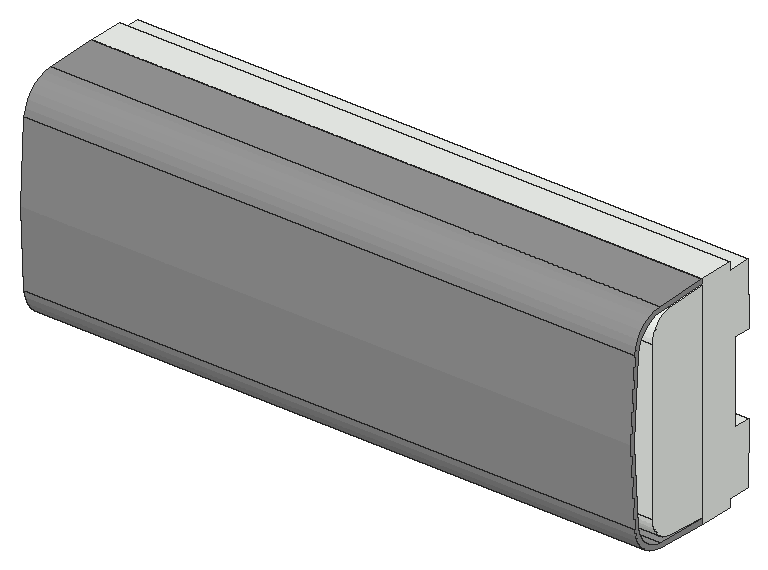
Revit family "USYSTEMS_Контроллер UH-6 230В", category Mechanical Equipment, Revit 2019
Family settings
  Round Connector Dimension = Use Diameter
  Classification = None
  Part Type = Normal
  Work Plane-Based = No
  Always vertical = Yes
  Cut with Voids When Loaded = No
  Shared = No
  Room Calculation Point = No
Parameters (values of type "Контроллер UH-6 230В")
  Watermark [instance] = "Модели защищены уникальным кодом"
  ADSK_Полная мощность = 0 VA
  ADSK_Номинальная мощность = 0 W
  ADSK_Напряжение = 230 V
  ADSK_Наименование = "Контроллер UH-6 230В"
  ADSK_Масса_Текст = ""
  ADSK_Масса = 0.614
  ADSK_Марка = ""
  ADSK_Коэффициент мощности = 1
  ADSK_Количество фаз = 1
  ADSK_Количество = 1  # constant formula
  ADSK_Код изделия = "1136056"
  ADSK_Классификация нагрузок = ОВК
  ADSK_Завод-изготовитель = "USYSTEMS"  # constant formula
  ADSK_Единица измерения = "шт."
Reference planes
  plane 1 "По центру (Вперед/Назад)": y = 0
  plane 2: z = 0
  plane 3 "По центру (Влево/Вправо)": x = 0
  plane 4 "1": y = -52
Forms (mm)
  Extrusion 1, solid, material "RGB_RAL 9016", detail levels fine
    sketch origin (0, 0, 0) x (0, 1, 0) y (0, 0, 1)
      loop
        line (0, 17.5) -> (0, 44.5) -> (-10, 44.5) -> (-10, 47.75) -> (-25, 47.75) -> (-25, -47.75) -> (-10, -47.75) -> (-10, -44.5) -> (0, -44.5) -> (0, -17.5) -> (-7.5, -17.5) -> (-7.5, 17.5) -> (0, 17.5)
    from -132.5 to 132.5
  Extrusion 2, solid, material "RGB_RAL 9016", detail levels fine
    sketch origin (0, 0, 0) x (0, 1, 0) y (0, 0, 1)
      loop
        line (-54, 33.991) -> (-54, -33.991)
        arc (-54, -33.991) -> (-51.254, -40.874) -> (-44.523, -43.977) r 10
        line (-44.523, -43.977) -> (-25, -45) -> (-25, 45) -> (-44.523, 43.977)
        arc (-44.523, 43.977) -> (-51.254, 40.874) -> (-54, 33.991) r 10
    from -132.5 to -103.5
  Extrusion 3, solid, material "RGB_RAL 9016", detail levels fine
    sketch origin (0, 0, 0) x (0, 1, 0) y (0, 0, 1)
      loop
        arc (-42.523, 44.082) -> (-49.254, 40.979) -> (-52, 34.095) r 10
        line (-52, 34.095) -> (-52, -34.095)
        arc (-52, -34.095) -> (-49.254, -40.979) -> (-42.523, -44.082) r 10
        line (-42.523, -44.082) -> (-25, -45) -> (-25, 45) -> (-42.523, 44.082)
    from -103.5 to -57.5
  Extrusion 4, solid, material "RGB_RAL 9016", detail levels fine
    sketch origin (0, 0, 0) x (0, 1, 0) y (0, 0, 1)
      loop
        arc (-42.523, 44.082) -> (-49.254, 40.979) -> (-52, 34.095) r 10
        line (-52, 34.095) -> (-52, -34.095)
        arc (-52, -34.095) -> (-49.254, -40.979) -> (-42.523, -44.082) r 10
        line (-42.523, -44.082) -> (-25, -45) -> (-25, 45) -> (-42.523, 44.082)
    from 117.5 to 92.5
  Extrusion 5, solid, material "RGB_RAL 9016", detail levels fine
    sketch origin (185, 0, 0) x (0, 1, 0) y (0, 0, -1)
      loop
        line (-42.523, -44.082) -> (-25, -45) -> (-25, 45) -> (-42.523, 44.082)
        arc (-42.523, 44.082) -> (-49.254, 40.979) -> (-52, 34.095) r 10
        line (-52, 34.095) -> (-52, -34.095)
        arc (-52, -34.095) -> (-49.254, -40.979) -> (-42.523, -44.082) r 10
    from 117.5 to 92.5
  Extrusion 6, solid, material "RGB_RAL 9016", detail levels fine
    sketch origin (135, 0, 0) x (0, 1, 0) y (0, 0, -1)
      loop
        line (-42.523, -44.082) -> (-25, -45) -> (-25, 45) -> (-42.523, 44.082)
        arc (-42.523, 44.082) -> (-49.254, 40.979) -> (-52, 34.095) r 10
        line (-52, 34.095) -> (-52, -34.095)
        arc (-52, -34.095) -> (-49.254, -40.979) -> (-42.523, -44.082) r 10
    from 117.5 to 92.5
  Extrusion 7, solid, material "RGB_RAL 9016", detail levels fine
    sketch origin (-50, 0, 0) x (0, 1, 0) y (0, 0, 1)
      loop
        arc (-42.523, 44.082) -> (-49.254, 40.979) -> (-52, 34.095) r 10
        line (-52, 34.095) -> (-52, -34.095)
        arc (-52, -34.095) -> (-49.254, -40.979) -> (-42.523, -44.082) r 10
        line (-42.523, -44.082) -> (-25, -45) -> (-25, 45) -> (-42.523, 44.082)
    from 117.5 to 92.5
  Extrusion 8, solid, material "RGB_RAL 9016", detail levels fine
    sketch origin (-150, 0, 0) x (0, 1, 0) y (0, 0, 1)
      loop
        arc (-42.523, 44.082) -> (-49.254, 40.979) -> (-52, 34.095) r 10
        line (-52, 34.095) -> (-52, -34.095)
        arc (-52, -34.095) -> (-49.254, -40.979) -> (-42.523, -44.082) r 10
        line (-42.523, -44.082) -> (-25, -45) -> (-25, 45) -> (-42.523, 44.082)
    from 117.5 to 92.5
  Extrusion 9, solid, material "RGB_RAL 9016", detail levels fine
    sketch origin (-100, 0, 0) x (0, 1, 0) y (0, 0, 1)
      loop
        arc (-42.523, 44.082) -> (-49.254, 40.979) -> (-52, 34.095) r 10
        line (-52, 34.095) -> (-52, -34.095)
        arc (-52, -34.095) -> (-49.254, -40.979) -> (-42.523, -44.082) r 10
        line (-42.523, -44.082) -> (-25, -45) -> (-25, 45) -> (-42.523, 44.082)
    from 117.5 to 92.5
  Extrusion 10, solid, material "RGB_RAL 9016", detail levels fine
    sketch origin (85, 0, 0) x (0, 1, 0) y (0, 0, -1)
      loop
        line (-42.523, -44.082) -> (-25, -45) -> (-25, 45) -> (-42.523, 44.082)
        arc (-42.523, 44.082) -> (-49.254, 40.979) -> (-52, 34.095) r 10
        line (-52, 34.095) -> (-52, -34.095)
        arc (-52, -34.095) -> (-49.254, -40.979) -> (-42.523, -44.082) r 10
    from 117.5 to 92.5
  Extrusion 11, solid, material "Пластик прозрачный", detail levels fine
    sketch origin (0, 0, 0) x (0, 1, 0) y (0, 0, 1)
      loop
        line (-25, 47.75) -> (-47.521, 46.964)
        arc (-47.521, 46.964) -> (-57.115, 43.047) -> (-61.88, 33.845) r 15
        arc (-61.88, 33.845) -> (-64, 0) -> (-61.88, -33.845) r 271.189
        arc (-61.88, -33.845) -> (-57.115, -43.047) -> (-47.521, -46.964) r 15
        line (-47.521, -46.964) -> (-25, -47.75) -> (-25, -45.749) -> (-47.451, -44.965)
        arc (-47.451, -44.965) -> (-55.766, -41.57) -> (-59.895, -33.595) r 13
        arc (-59.895, -33.595) -> (-62, 0) -> (-59.895, 33.595) r 269.189
        arc (-59.895, 33.595) -> (-55.766, 41.57) -> (-47.451, 44.965) r 13
        line (-47.451, 44.965) -> (-25, 45.749) -> (-25, 47.75)
    from -132.5 to 132.5
  Extrusion 12, solid, material "RGB_RAL 9016", detail levels fine
    sketch origin (0, 0, 0) x (0, 1, 0) y (0, 0, 1)
      loop
        line (-52, 34.095) -> (-52, -34.095)
        arc (-52, -34.095) -> (-49.254, -40.979) -> (-42.523, -44.082) r 10
        line (-42.523, -44.082) -> (-25, -45) -> (-25, 45) -> (-42.523, 44.082)
        arc (-42.523, 44.082) -> (-49.254, 40.979) -> (-52, 34.095) r 10
    from 117.5 to 132.5
  Extrusion 13, solid, material "RGB_RAL 9016", detail levels fine
    sketch origin (0, 0, 0) x (0, 1, 0) y (0, 0, 1)
      loop
        line (-54, 30) -> (-58, 30) -> (-58, 22) -> (-54, 22) -> (-54, 23) -> (-57, 23) -> (-57, 29) -> (-54, 29) -> (-54, 30)
    from -125 to -111
  Extrusion 14, void
    sketch origin (0, -52, 0) x (0, 0, -1) y (-1, 0, 0)
      loop
        line (-24, 114.5) -> (-24, 121.5) -> (-28, 121.5) -> (-28, 114.5) -> (-24, 114.5)
    from -6 to -5
  Extrusion 15, solid, material "RGB_RAL 9016", detail levels coarse+medium
    sketch origin (0, 0, 0) x (0, 1, 0) y (0, 0, 1)
      loop
        line (0, 47.75) -> (-64, 47.75) -> (-64, -47.75) -> (0, -47.75) -> (0, 47.75)
    from -132.5 to 132.5
Cuts and joins
  Extrusion 14 cuts Extrusion 1
  Extrusion 14 cuts Extrusion 2
  Extrusion 14 cuts Extrusion 13
Lines and regions (mm)
  model lines, detail levels fine
    curve 1: circle (112, -52, -27.75) r 2.5 normal (0, 1, 0)
    curve 2: circle (112, -52, -21.75) r 2.5 normal (0, 1, 0)
    curve 3: circle (112, -52, -15.75) r 2.5 normal (0, 1, 0)
    curve 4: circle (112, -52, -9.75) r 2.5 normal (0, 1, 0)
    curve 5: circle (99, -52, -27.75) r 2.5 normal (0, 1, 0)
    curve 6: circle (99, -52, -21.75) r 2.5 normal (0, 1, 0)
    curve 7: circle (99, -52, -15.75) r 2.5 normal (0, 1, 0)
    curve 8: circle (99, -52, -9.75) r 2.5 normal (0, 1, 0)
    curve 9: line (92.5, -52, -12.25) -> (92.5, -52, -7.25)
    curve 10: line (92.5, -52, -7.25) -> (95.5, -52, -7.25)
    curve 11: line (95.5, -52, -7.25) -> (95.5, -52, -12.25)
    curve 12: line (95.5, -52, -12.25) -> (92.5, -52, -12.25)
    curve 13: line (92.5, -52, -18.25) -> (92.5, -52, -13.25)
    curve 14: line (92.5, -52, -13.25) -> (95.5, -52, -13.25)
    curve 15: line (95.5, -52, -13.25) -> (95.5, -52, -18.25)
    curve 16: line (95.5, -52, -18.25) -> (92.5, -52, -18.25)
    curve 17: line (92.5, -52, -24.25) -> (92.5, -52, -19.25)
    curve 18: line (92.5, -52, -19.25) -> (95.5, -52, -19.25)
    curve 19: line (95.5, -52, -19.25) -> (95.5, -52, -24.25)
    curve 20: line (95.5, -52, -24.25) -> (92.5, -52, -24.25)
    curve 21: line (92.5, -52, -30.25) -> (92.5, -52, -25.25)
    curve 22: line (92.5, -52, -25.25) -> (95.5, -52, -25.25)
    curve 23: line (95.5, -52, -25.25) -> (95.5, -52, -30.25)
    curve 24: line (95.5, -52, -30.25) -> (92.5, -52, -30.25)
    curve 25: line (105.5, -52, -12.25) -> (105.5, -52, -7.25)
    curve 26: line (105.5, -52, -7.25) -> (108.5, -52, -7.25)
    curve 27: line (108.5, -52, -7.25) -> (108.5, -52, -12.25)
    curve 28: line (108.5, -52, -12.25) -> (105.5, -52, -12.25)
    curve 29: line (105.5, -52, -18.25) -> (105.5, -52, -13.25)
    curve 30: line (105.5, -52, -13.25) -> (108.5, -52, -13.25)
    curve 31: line (108.5, -52, -13.25) -> (108.5, -52, -18.25)
    curve 32: line (108.5, -52, -18.25) -> (105.5, -52, -18.25)
    curve 33: line (105.5, -52, -24.25) -> (105.5, -52, -19.25)
    curve 34: line (105.5, -52, -19.25) -> (108.5, -52, -19.25)
    curve 35: line (108.5, -52, -19.25) -> (108.5, -52, -24.25)
    curve 36: line (108.5, -52, -24.25) -> (105.5, -52, -24.25)
    curve 37: line (105.5, -52, -30.25) -> (105.5, -52, -25.25)
    curve 38: line (105.5, -52, -25.25) -> (108.5, -52, -25.25)
    curve 39: line (108.5, -52, -25.25) -> (108.5, -52, -30.25)
    curve 40: line (108.5, -52, -30.25) -> (105.5, -52, -30.25)
    curve 41: circle (96, -52, 32.25) r 2.5 normal (0, 1, 0)
    curve 42: circle (114, -52, 32.25) r 2.5 normal (0, 1, 0)
    curve 43: circle (102, -52, 32.25) r 2.5 normal (0, 1, 0)
    curve 44: circle (108, -52, 32.25) r 2.5 normal (0, 1, 0)
    curve 45: circle (87, -52, -27.75) r 2.5 normal (0, 1, 0)
    curve 46: circle (87, -52, -21.75) r 2.5 normal (0, 1, 0)
    curve 47: circle (87, -52, -15.75) r 2.5 normal (0, 1, 0)
    curve 48: circle (87, -52, -9.75) r 2.5 normal (0, 1, 0)
    curve 49: circle (74, -52, -27.75) r 2.5 normal (0, 1, 0)
    curve 50: circle (74, -52, -21.75) r 2.5 normal (0, 1, 0)
    curve 51: circle (74, -52, -15.75) r 2.5 normal (0, 1, 0)
    curve 52: circle (74, -52, -9.75) r 2.5 normal (0, 1, 0)
    curve 53: line (67.5, -52, -12.25) -> (67.5, -52, -7.25)
    curve 54: line (67.5, -52, -7.25) -> (70.5, -52, -7.25)
    curve 55: line (70.5, -52, -7.25) -> (70.5, -52, -12.25)
    curve 56: line (70.5, -52, -12.25) -> (67.5, -52, -12.25)
    curve 57: line (67.5, -52, -18.25) -> (67.5, -52, -13.25)
    curve 58: line (67.5, -52, -13.25) -> (70.5, -52, -13.25)
    curve 59: line (70.5, -52, -13.25) -> (70.5, -52, -18.25)
    curve 60: line (70.5, -52, -18.25) -> (67.5, -52, -18.25)
    curve 61: line (67.5, -52, -24.25) -> (67.5, -52, -19.25)
    curve 62: line (67.5, -52, -19.25) -> (70.5, -52, -19.25)
    curve 63: line (70.5, -52, -19.25) -> (70.5, -52, -24.25)
    curve 64: line (70.5, -52, -24.25) -> (67.5, -52, -24.25)
    curve 65: line (67.5, -52, -30.25) -> (67.5, -52, -25.25)
    curve 66: line (67.5, -52, -25.25) -> (70.5, -52, -25.25)
    curve 67: line (70.5, -52, -25.25) -> (70.5, -52, -30.25)
    curve 68: line (70.5, -52, -30.25) -> (67.5, -52, -30.25)
    curve 69: line (80.5, -52, -12.25) -> (80.5, -52, -7.25)
    curve 70: line (80.5, -52, -7.25) -> (83.5, -52, -7.25)
    curve 71: line (83.5, -52, -7.25) -> (83.5, -52, -12.25)
    curve 72: line (83.5, -52, -12.25) -> (80.5, -52, -12.25)
    curve 73: line (80.5, -52, -18.25) -> (80.5, -52, -13.25)
    curve 74: line (80.5, -52, -13.25) -> (83.5, -52, -13.25)
    curve 75: line (83.5, -52, -13.25) -> (83.5, -52, -18.25)
    curve 76: line (83.5, -52, -18.25) -> (80.5, -52, -18.25)
    curve 77: line (80.5, -52, -24.25) -> (80.5, -52, -19.25)
    curve 78: line (80.5, -52, -19.25) -> (83.5, -52, -19.25)
    curve 79: line (83.5, -52, -19.25) -> (83.5, -52, -24.25)
    curve 80: line (83.5, -52, -24.25) -> (80.5, -52, -24.25)
    curve 81: line (80.5, -52, -30.25) -> (80.5, -52, -25.25)
    curve 82: line (80.5, -52, -25.25) -> (83.5, -52, -25.25)
    curve 83: line (83.5, -52, -25.25) -> (83.5, -52, -30.25)
    curve 84: line (83.5, -52, -30.25) -> (80.5, -52, -30.25)
    curve 85: circle (71, -52, 32.25) r 2.5 normal (0, 1, 0)
    curve 86: circle (89, -52, 32.25) r 2.5 normal (0, 1, 0)
    curve 87: circle (77, -52, 32.25) r 2.5 normal (0, 1, 0)
    curve 88: circle (83, -52, 32.25) r 2.5 normal (0, 1, 0)
    curve 89: circle (62, -52, -27.75) r 2.5 normal (0, 1, 0)
    curve 90: circle (62, -52, -21.75) r 2.5 normal (0, 1, 0)
    curve 91: circle (62, -52, -15.75) r 2.5 normal (0, 1, 0)
    curve 92: circle (62, -52, -9.75) r 2.5 normal (0, 1, 0)
    curve 93: circle (49, -52, -27.75) r 2.5 normal (0, 1, 0)
    curve 94: circle (49, -52, -21.75) r 2.5 normal (0, 1, 0)
    curve 95: circle (49, -52, -15.75) r 2.5 normal (0, 1, 0)
    curve 96: circle (49, -52, -9.75) r 2.5 normal (0, 1, 0)
    curve 97: line (42.5, -52, -12.25) -> (42.5, -52, -7.25)
    curve 98: line (42.5, -52, -7.25) -> (45.5, -52, -7.25)
    curve 99: line (45.5, -52, -7.25) -> (45.5, -52, -12.25)
    curve 100: line (45.5, -52, -12.25) -> (42.5, -52, -12.25)
    curve 101: line (42.5, -52, -18.25) -> (42.5, -52, -13.25)
    curve 102: line (42.5, -52, -13.25) -> (45.5, -52, -13.25)
    curve 103: line (45.5, -52, -13.25) -> (45.5, -52, -18.25)
    curve 104: line (45.5, -52, -18.25) -> (42.5, -52, -18.25)
    curve 105: line (42.5, -52, -24.25) -> (42.5, -52, -19.25)
    curve 106: line (42.5, -52, -19.25) -> (45.5, -52, -19.25)
    curve 107: line (45.5, -52, -19.25) -> (45.5, -52, -24.25)
    curve 108: line (45.5, -52, -24.25) -> (42.5, -52, -24.25)
    curve 109: line (42.5, -52, -30.25) -> (42.5, -52, -25.25)
    curve 110: line (42.5, -52, -25.25) -> (45.5, -52, -25.25)
    curve 111: line (45.5, -52, -25.25) -> (45.5, -52, -30.25)
    curve 112: line (45.5, -52, -30.25) -> (42.5, -52, -30.25)
    curve 113: line (55.5, -52, -12.25) -> (55.5, -52, -7.25)
    curve 114: line (55.5, -52, -7.25) -> (58.5, -52, -7.25)
    curve 115: line (58.5, -52, -7.25) -> (58.5, -52, -12.25)
    curve 116: line (58.5, -52, -12.25) -> (55.5, -52, -12.25)
    curve 117: line (55.5, -52, -18.25) -> (55.5, -52, -13.25)
    curve 118: line (55.5, -52, -13.25) -> (58.5, -52, -13.25)
    curve 119: line (58.5, -52, -13.25) -> (58.5, -52, -18.25)
    curve 120: line (58.5, -52, -18.25) -> (55.5, -52, -18.25)
    curve 121: line (55.5, -52, -24.25) -> (55.5, -52, -19.25)
    curve 122: line (55.5, -52, -19.25) -> (58.5, -52, -19.25)
    curve 123: line (58.5, -52, -19.25) -> (58.5, -52, -24.25)
    curve 124: line (58.5, -52, -24.25) -> (55.5, -52, -24.25)
    curve 125: line (55.5, -52, -30.25) -> (55.5, -52, -25.25)
    curve 126: line (55.5, -52, -25.25) -> (58.5, -52, -25.25)
    curve 127: line (58.5, -52, -25.25) -> (58.5, -52, -30.25)
    curve 128: line (58.5, -52, -30.25) -> (55.5, -52, -30.25)
    curve 129: circle (46, -52, 32.25) r 2.5 normal (0, 1, 0)
    curve 130: circle (64, -52, 32.25) r 2.5 normal (0, 1, 0)
    curve 131: circle (52, -52, 32.25) r 2.5 normal (0, 1, 0)
    curve 132: circle (58, -52, 32.25) r 2.5 normal (0, 1, 0)
    curve 133: circle (37, -52, -27.75) r 2.5 normal (0, 1, 0)
    curve 134: circle (37, -52, -21.75) r 2.5 normal (0, 1, 0)
    curve 135: circle (37, -52, -15.75) r 2.5 normal (0, 1, 0)
    curve 136: circle (37, -52, -9.75) r 2.5 normal (0, 1, 0)
    curve 137: circle (24, -52, -27.75) r 2.5 normal (0, 1, 0)
    curve 138: circle (24, -52, -21.75) r 2.5 normal (0, 1, 0)
    curve 139: circle (24, -52, -15.75) r 2.5 normal (0, 1, 0)
    curve 140: circle (24, -52, -9.75) r 2.5 normal (0, 1, 0)
    curve 141: line (17.5, -52, -12.25) -> (17.5, -52, -7.25)
    curve 142: line (17.5, -52, -7.25) -> (20.5, -52, -7.25)
    curve 143: line (20.5, -52, -7.25) -> (20.5, -52, -12.25)
    curve 144: line (20.5, -52, -12.25) -> (17.5, -52, -12.25)
    curve 145: line (17.5, -52, -18.25) -> (17.5, -52, -13.25)
    curve 146: line (17.5, -52, -13.25) -> (20.5, -52, -13.25)
    curve 147: line (20.5, -52, -13.25) -> (20.5, -52, -18.25)
    curve 148: line (20.5, -52, -18.25) -> (17.5, -52, -18.25)
    curve 149: line (17.5, -52, -24.25) -> (17.5, -52, -19.25)
    curve 150: line (17.5, -52, -19.25) -> (20.5, -52, -19.25)
    curve 151: line (20.5, -52, -19.25) -> (20.5, -52, -24.25)
    curve 152: line (20.5, -52, -24.25) -> (17.5, -52, -24.25)
    curve 153: line (17.5, -52, -30.25) -> (17.5, -52, -25.25)
    curve 154: line (17.5, -52, -25.25) -> (20.5, -52, -25.25)
    curve 155: line (20.5, -52, -25.25) -> (20.5, -52, -30.25)
    curve 156: line (20.5, -52, -30.25) -> (17.5, -52, -30.25)
    curve 157: line (30.5, -52, -12.25) -> (30.5, -52, -7.25)
    curve 158: line (30.5, -52, -7.25) -> (33.5, -52, -7.25)
    curve 159: line (33.5, -52, -7.25) -> (33.5, -52, -12.25)
    curve 160: line (33.5, -52, -12.25) -> (30.5, -52, -12.25)
    curve 161: line (30.5, -52, -18.25) -> (30.5, -52, -13.25)
    curve 162: line (30.5, -52, -13.25) -> (33.5, -52, -13.25)
    curve 163: line (33.5, -52, -13.25) -> (33.5, -52, -18.25)
    curve 164: line (33.5, -52, -18.25) -> (30.5, -52, -18.25)
    curve 165: line (30.5, -52, -24.25) -> (30.5, -52, -19.25)
    curve 166: line (30.5, -52, -19.25) -> (33.5, -52, -19.25)
    curve 167: line (33.5, -52, -19.25) -> (33.5, -52, -24.25)
    curve 168: line (33.5, -52, -24.25) -> (30.5, -52, -24.25)
    curve 169: line (30.5, -52, -30.25) -> (30.5, -52, -25.25)
    curve 170: line (30.5, -52, -25.25) -> (33.5, -52, -25.25)
    curve 171: line (33.5, -52, -25.25) -> (33.5, -52, -30.25)
    curve 172: line (33.5, -52, -30.25) -> (30.5, -52, -30.25)
    curve 173: circle (21, -52, 32.25) r 2.5 normal (0, 1, 0)
    curve 174: circle (39, -52, 32.25) r 2.5 normal (0, 1, 0)
    curve 175: circle (27, -52, 32.25) r 2.5 normal (0, 1, 0)
    curve 176: circle (33, -52, 32.25) r 2.5 normal (0, 1, 0)
    curve 177: circle (12, -52, -27.75) r 2.5 normal (0, 1, 0)
    curve 178: circle (12, -52, -21.75) r 2.5 normal (0, 1, 0)
    curve 179: circle (12, -52, -15.75) r 2.5 normal (0, 1, 0)
    curve 180: circle (12, -52, -9.75) r 2.5 normal (0, 1, 0)
    curve 181: circle (-1, -52, -27.75) r 2.5 normal (0, 1, 0)
    curve 182: circle (-1, -52, -21.75) r 2.5 normal (0, 1, 0)
    curve 183: circle (-1, -52, -15.75) r 2.5 normal (0, 1, 0)
    curve 184: circle (-1, -52, -9.75) r 2.5 normal (0, 1, 0)
    curve 185: line (-7.5, -52, -12.25) -> (-7.5, -52, -7.25)
    curve 186: line (-7.5, -52, -7.25) -> (-4.5, -52, -7.25)
    curve 187: line (-4.5, -52, -7.25) -> (-4.5, -52, -12.25)
    curve 188: line (-4.5, -52, -12.25) -> (-7.5, -52, -12.25)
    curve 189: line (-7.5, -52, -18.25) -> (-7.5, -52, -13.25)
    curve 190: line (-7.5, -52, -13.25) -> (-4.5, -52, -13.25)
    curve 191: line (-4.5, -52, -13.25) -> (-4.5, -52, -18.25)
    curve 192: line (-4.5, -52, -18.25) -> (-7.5, -52, -18.25)
    curve 193: line (-7.5, -52, -24.25) -> (-7.5, -52, -19.25)
    curve 194: line (-7.5, -52, -19.25) -> (-4.5, -52, -19.25)
    curve 195: line (-4.5, -52, -19.25) -> (-4.5, -52, -24.25)
    curve 196: line (-4.5, -52, -24.25) -> (-7.5, -52, -24.25)
    curve 197: line (-7.5, -52, -30.25) -> (-7.5, -52, -25.25)
    curve 198: line (-7.5, -52, -25.25) -> (-4.5, -52, -25.25)
    curve 199: line (-4.5, -52, -25.25) -> (-4.5, -52, -30.25)
    curve 200: line (-4.5, -52, -30.25) -> (-7.5, -52, -30.25)
    curve 201: line (5.5, -52, -12.25) -> (5.5, -52, -7.25)
    curve 202: line (5.5, -52, -7.25) -> (8.5, -52, -7.25)
    curve 203: line (8.5, -52, -7.25) -> (8.5, -52, -12.25)
    curve 204: line (8.5, -52, -12.25) -> (5.5, -52, -12.25)
    curve 205: line (5.5, -52, -18.25) -> (5.5, -52, -13.25)
    curve 206: line (5.5, -52, -13.25) -> (8.5, -52, -13.25)
    curve 207: line (8.5, -52, -13.25) -> (8.5, -52, -18.25)
    curve 208: line (8.5, -52, -18.25) -> (5.5, -52, -18.25)
    curve 209: line (5.5, -52, -24.25) -> (5.5, -52, -19.25)
    curve 210: line (5.5, -52, -19.25) -> (8.5, -52, -19.25)
    curve 211: line (8.5, -52, -19.25) -> (8.5, -52, -24.25)
    curve 212: line (8.5, -52, -24.25) -> (5.5, -52, -24.25)
    curve 213: line (5.5, -52, -30.25) -> (5.5, -52, -25.25)
    curve 214: line (5.5, -52, -25.25) -> (8.5, -52, -25.25)
    curve 215: line (8.5, -52, -25.25) -> (8.5, -52, -30.25)
    curve 216: line (8.5, -52, -30.25) -> (5.5, -52, -30.25)
    curve 217: circle (-4, -52, 32.25) r 2.5 normal (0, 1, 0)
    curve 218: circle (14, -52, 32.25) r 2.5 normal (0, 1, 0)
    curve 219: circle (2, -52, 32.25) r 2.5 normal (0, 1, 0)
    curve 220: circle (8, -52, 32.25) r 2.5 normal (0, 1, 0)
    curve 221: circle (-13, -52, -27.75) r 2.5 normal (0, 1, 0)
    curve 222: circle (-13, -52, -21.75) r 2.5 normal (0, 1, 0)
    curve 223: circle (-13, -52, -15.75) r 2.5 normal (0, 1, 0)
    curve 224: circle (-13, -52, -9.75) r 2.5 normal (0, 1, 0)
    curve 225: circle (-26, -52, -27.75) r 2.5 normal (0, 1, 0)
    curve 226: circle (-26, -52, -21.75) r 2.5 normal (0, 1, 0)
    curve 227: circle (-26, -52, -15.75) r 2.5 normal (0, 1, 0)
    curve 228: circle (-26, -52, -9.75) r 2.5 normal (0, 1, 0)
    curve 229: line (-32.5, -52, -12.25) -> (-32.5, -52, -7.25)
    curve 230: line (-32.5, -52, -7.25) -> (-29.5, -52, -7.25)
    curve 231: line (-29.5, -52, -7.25) -> (-29.5, -52, -12.25)
    curve 232: line (-29.5, -52, -12.25) -> (-32.5, -52, -12.25)
    curve 233: line (-32.5, -52, -18.25) -> (-32.5, -52, -13.25)
    curve 234: line (-32.5, -52, -13.25) -> (-29.5, -52, -13.25)
    curve 235: line (-29.5, -52, -13.25) -> (-29.5, -52, -18.25)
    curve 236: line (-29.5, -52, -18.25) -> (-32.5, -52, -18.25)
    curve 237: line (-32.5, -52, -24.25) -> (-32.5, -52, -19.25)
    curve 238: line (-32.5, -52, -19.25) -> (-29.5, -52, -19.25)
    curve 239: line (-29.5, -52, -19.25) -> (-29.5, -52, -24.25)
    curve 240: line (-29.5, -52, -24.25) -> (-32.5, -52, -24.25)
    curve 241: line (-32.5, -52, -30.25) -> (-32.5, -52, -25.25)
    curve 242: line (-32.5, -52, -25.25) -> (-29.5, -52, -25.25)
    curve 243: line (-29.5, -52, -25.25) -> (-29.5, -52, -30.25)
    curve 244: line (-29.5, -52, -30.25) -> (-32.5, -52, -30.25)
    curve 245: line (-19.5, -52, -12.25) -> (-19.5, -52, -7.25)
    curve 246: line (-19.5, -52, -7.25) -> (-16.5, -52, -7.25)
    curve 247: line (-16.5, -52, -7.25) -> (-16.5, -52, -12.25)
    curve 248: line (-16.5, -52, -12.25) -> (-19.5, -52, -12.25)
    curve 249: line (-19.5, -52, -18.25) -> (-19.5, -52, -13.25)
    curve 250: line (-19.5, -52, -13.25) -> (-16.5, -52, -13.25)
    curve 251: line (-16.5, -52, -13.25) -> (-16.5, -52, -18.25)
    curve 252: line (-16.5, -52, -18.25) -> (-19.5, -52, -18.25)
    curve 253: line (-19.5, -52, -24.25) -> (-19.5, -52, -19.25)
    curve 254: line (-19.5, -52, -19.25) -> (-16.5, -52, -19.25)
    curve 255: line (-16.5, -52, -19.25) -> (-16.5, -52, -24.25)
    curve 256: line (-16.5, -52, -24.25) -> (-19.5, -52, -24.25)
    curve 257: line (-19.5, -52, -30.25) -> (-19.5, -52, -25.25)
    curve 258: line (-19.5, -52, -25.25) -> (-16.5, -52, -25.25)
    curve 259: line (-16.5, -52, -25.25) -> (-16.5, -52, -30.25)
    curve 260: line (-16.5, -52, -30.25) -> (-19.5, -52, -30.25)
    curve 261: circle (-29, -52, 32.25) r 2.5 normal (0, 1, 0)
    curve 262: circle (-11, -52, 32.25) r 2.5 normal (0, 1, 0)
    curve 263: circle (-23, -52, 32.25) r 2.5 normal (0, 1, 0)
    curve 264: circle (-17, -52, 32.25) r 2.5 normal (0, 1, 0)
    curve 265: circle (-38, -52, -27.75) r 2.5 normal (0, 1, 0)
    curve 266: circle (-38, -52, -21.75) r 2.5 normal (0, 1, 0)
    curve 267: circle (-38, -52, -15.75) r 2.5 normal (0, 1, 0)
    curve 268: circle (-38, -52, -9.75) r 2.5 normal (0, 1, 0)
    curve 269: circle (-51, -52, -27.75) r 2.5 normal (0, 1, 0)
    curve 270: circle (-51, -52, -21.75) r 2.5 normal (0, 1, 0)
    curve 271: circle (-51, -52, -15.75) r 2.5 normal (0, 1, 0)
    curve 272: circle (-51, -52, -9.75) r 2.5 normal (0, 1, 0)
    curve 273: line (-57.5, -52, -12.25) -> (-57.5, -52, -7.25)
    curve 274: line (-57.5, -52, -7.25) -> (-54.5, -52, -7.25)
    curve 275: line (-54.5, -52, -7.25) -> (-54.5, -52, -12.25)
    curve 276: line (-54.5, -52, -12.25) -> (-57.5, -52, -12.25)
    curve 277: line (-57.5, -52, -18.25) -> (-57.5, -52, -13.25)
    curve 278: line (-57.5, -52, -13.25) -> (-54.5, -52, -13.25)
    curve 279: line (-54.5, -52, -13.25) -> (-54.5, -52, -18.25)
    curve 280: line (-54.5, -52, -18.25) -> (-57.5, -52, -18.25)
    curve 281: line (-57.5, -52, -24.25) -> (-57.5, -52, -19.25)
    curve 282: line (-57.5, -52, -19.25) -> (-54.5, -52, -19.25)
    curve 283: line (-54.5, -52, -19.25) -> (-54.5, -52, -24.25)
    curve 284: line (-54.5, -52, -24.25) -> (-57.5, -52, -24.25)
    curve 285: line (-57.5, -52, -30.25) -> (-57.5, -52, -25.25)
    curve 286: line (-57.5, -52, -25.25) -> (-54.5, -52, -25.25)
    curve 287: line (-54.5, -52, -25.25) -> (-54.5, -52, -30.25)
    curve 288: line (-54.5, -52, -30.25) -> (-57.5, -52, -30.25)
    curve 289: line (-44.5, -52, -12.25) -> (-44.5, -52, -7.25)
    curve 290: line (-44.5, -52, -7.25) -> (-41.5, -52, -7.25)
    curve 291: line (-41.5, -52, -7.25) -> (-41.5, -52, -12.25)
    curve 292: line (-41.5, -52, -12.25) -> (-44.5, -52, -12.25)
    curve 293: line (-44.5, -52, -18.25) -> (-44.5, -52, -13.25)
    curve 294: line (-44.5, -52, -13.25) -> (-41.5, -52, -13.25)
    curve 295: line (-41.5, -52, -13.25) -> (-41.5, -52, -18.25)
    curve 296: line (-41.5, -52, -18.25) -> (-44.5, -52, -18.25)
    curve 297: line (-44.5, -52, -24.25) -> (-44.5, -52, -19.25)
    curve 298: line (-44.5, -52, -19.25) -> (-41.5, -52, -19.25)
    curve 299: line (-41.5, -52, -19.25) -> (-41.5, -52, -24.25)
    curve 300: line (-41.5, -52, -24.25) -> (-44.5, -52, -24.25)
    curve 301: line (-44.5, -52, -30.25) -> (-44.5, -52, -25.25)
    curve 302: line (-44.5, -52, -25.25) -> (-41.5, -52, -25.25)
    curve 303: line (-41.5, -52, -25.25) -> (-41.5, -52, -30.25)
    curve 304: line (-41.5, -52, -30.25) -> (-44.5, -52, -30.25)
    curve 305: circle (-54, -52, 32.25) r 2.5 normal (0, 1, 0)
    curve 306: circle (-36, -52, 32.25) r 2.5 normal (0, 1, 0)
    curve 307: circle (-48, -52, 32.25) r 2.5 normal (0, 1, 0)
    curve 308: circle (-42, -52, 32.25) r 2.5 normal (0, 1, 0)
    curve 309: circle (-63, -52, -27.75) r 2.5 normal (0, 1, 0)
    curve 310: circle (-63, -52, -21.75) r 2.5 normal (0, 1, 0)
    curve 311: circle (-63, -52, -15.75) r 2.5 normal (0, 1, 0)
    curve 312: circle (-78, -52, -27.75) r 2.5 normal (0, 1, 0)
    curve 313: circle (-78, -52, -21.75) r 2.5 normal (0, 1, 0)
    curve 314: circle (-78, -52, -15.75) r 2.5 normal (0, 1, 0)
    curve 315: circle (-78, -52, -9.75) r 2.5 normal (0, 1, 0)
    curve 316: line (-84.5, -52, -12.25) -> (-84.5, -52, -7.25)
    curve 317: line (-84.5, -52, -7.25) -> (-81.5, -52, -7.25)
    curve 318: line (-81.5, -52, -7.25) -> (-81.5, -52, -12.25)
    curve 319: line (-81.5, -52, -12.25) -> (-84.5, -52, -12.25)
    curve 320: line (-84.5, -52, -18.25) -> (-84.5, -52, -13.25)
    curve 321: line (-84.5, -52, -13.25) -> (-81.5, -52, -13.25)
    curve 322: line (-81.5, -52, -13.25) -> (-81.5, -52, -18.25)
    curve 323: line (-81.5, -52, -18.25) -> (-84.5, -52, -18.25)
    curve 324: line (-84.5, -52, -24.25) -> (-84.5, -52, -19.25)
    curve 325: line (-84.5, -52, -19.25) -> (-81.5, -52, -19.25)
    curve 326: line (-81.5, -52, -19.25) -> (-81.5, -52, -24.25)
    curve 327: line (-81.5, -52, -24.25) -> (-84.5, -52, -24.25)
    curve 328: line (-84.5, -52, -30.25) -> (-84.5, -52, -25.25)
    curve 329: line (-84.5, -52, -25.25) -> (-81.5, -52, -25.25)
    curve 330: line (-81.5, -52, -25.25) -> (-81.5, -52, -30.25)
    curve 331: line (-81.5, -52, -30.25) -> (-84.5, -52, -30.25)
    curve 332: line (-69.5, -52, -18.25) -> (-69.5, -52, -13.25)
    curve 333: line (-69.5, -52, -13.25) -> (-66.5, -52, -13.25)
    curve 334: line (-66.5, -52, -13.25) -> (-66.5, -52, -18.25)
    curve 335: line (-66.5, -52, -18.25) -> (-69.5, -52, -18.25)
    curve 336: line (-69.5, -52, -24.25) -> (-69.5, -52, -19.25)
    curve 337: line (-69.5, -52, -19.25) -> (-66.5, -52, -19.25)
    curve 338: line (-66.5, -52, -19.25) -> (-66.5, -52, -24.25)
    curve 339: line (-66.5, -52, -24.25) -> (-69.5, -52, -24.25)
    curve 340: line (-69.5, -52, -30.25) -> (-69.5, -52, -25.25)
    curve 341: line (-69.5, -52, -25.25) -> (-66.5, -52, -25.25)
    curve 342: line (-66.5, -52, -25.25) -> (-66.5, -52, -30.25)
    curve 343: line (-66.5, -52, -30.25) -> (-69.5, -52, -30.25)
    curve 344: circle (-79, -52, 32.25) r 2.5 normal (0, 1, 0)
    curve 345: circle (-61, -52, 32.25) r 2.5 normal (0, 1, 0)
    curve 346: circle (-73, -52, 32.25) r 2.5 normal (0, 1, 0)
    curve 347: circle (-67, -52, 32.25) r 2.5 normal (0, 1, 0)
    curve 348: line (93.5, -52, 29.25) -> (93.5, -52, 26.25)
    curve 349: line (93.5, -52, 26.25) -> (98.5, -52, 26.25)
    curve 350: line (98.5, -52, 26.25) -> (98.5, -52, 29.25)
    curve 351: line (98.5, -52, 29.25) -> (93.5, -52, 29.25)
    curve 352: line (99.5, -52, 29.25) -> (99.5, -52, 26.25)
    curve 353: line (99.5, -52, 26.25) -> (104.5, -52, 26.25)
    curve 354: line (104.5, -52, 26.25) -> (104.5, -52, 29.25)
    curve 355: line (104.5, -52, 29.25) -> (99.5, -52, 29.25)
    curve 356: line (105.5, -52, 29.25) -> (105.5, -52, 26.25)
    curve 357: line (105.5, -52, 26.25) -> (110.5, -52, 26.25)
    curve 358: line (110.5, -52, 26.25) -> (110.5, -52, 29.25)
    curve 359: line (110.5, -52, 29.25) -> (105.5, -52, 29.25)
    curve 360: line (111.5, -52, 29.25) -> (111.5, -52, 26.25)
    curve 361: line (111.5, -52, 26.25) -> (116.5, -52, 26.25)
    curve 362: line (116.5, -52, 26.25) -> (116.5, -52, 29.25)
    curve 363: line (116.5, -52, 29.25) -> (111.5, -52, 29.25)
    curve 364: line (68.5, -52, 29.25) -> (68.5, -52, 26.25)
    curve 365: line (68.5, -52, 26.25) -> (73.5, -52, 26.25)
    curve 366: line (73.5, -52, 26.25) -> (73.5, -52, 29.25)
    curve 367: line (73.5, -52, 29.25) -> (68.5, -52, 29.25)
    curve 368: line (74.5, -52, 29.25) -> (74.5, -52, 26.25)
    curve 369: line (74.5, -52, 26.25) -> (79.5, -52, 26.25)
    curve 370: line (79.5, -52, 26.25) -> (79.5, -52, 29.25)
    curve 371: line (79.5, -52, 29.25) -> (74.5, -52, 29.25)
    curve 372: line (80.5, -52, 29.25) -> (80.5, -52, 26.25)
    curve 373: line (80.5, -52, 26.25) -> (85.5, -52, 26.25)
    curve 374: line (85.5, -52, 26.25) -> (85.5, -52, 29.25)
    curve 375: line (85.5, -52, 29.25) -> (80.5, -52, 29.25)
    curve 376: line (86.5, -52, 29.25) -> (86.5, -52, 26.25)
    curve 377: line (86.5, -52, 26.25) -> (91.5, -52, 26.25)
    curve 378: line (91.5, -52, 26.25) -> (91.5, -52, 29.25)
    curve 379: line (91.5, -52, 29.25) -> (86.5, -52, 29.25)
    curve 380: line (43.5, -52, 29.25) -> (43.5, -52, 26.25)
    curve 381: line (43.5, -52, 26.25) -> (48.5, -52, 26.25)
    curve 382: line (48.5, -52, 26.25) -> (48.5, -52, 29.25)
    curve 383: line (48.5, -52, 29.25) -> (43.5, -52, 29.25)
    curve 384: line (49.5, -52, 29.25) -> (49.5, -52, 26.25)
    curve 385: line (49.5, -52, 26.25) -> (54.5, -52, 26.25)
    curve 386: line (54.5, -52, 26.25) -> (54.5, -52, 29.25)
    curve 387: line (54.5, -52, 29.25) -> (49.5, -52, 29.25)
    curve 388: line (55.5, -52, 29.25) -> (55.5, -52, 26.25)
    curve 389: line (55.5, -52, 26.25) -> (60.5, -52, 26.25)
    curve 390: line (60.5, -52, 26.25) -> (60.5, -52, 29.25)
    curve 391: line (60.5, -52, 29.25) -> (55.5, -52, 29.25)
    curve 392: line (61.5, -52, 29.25) -> (61.5, -52, 26.25)
    curve 393: line (61.5, -52, 26.25) -> (66.5, -52, 26.25)
    curve 394: line (66.5, -52, 26.25) -> (66.5, -52, 29.25)
    curve 395: line (66.5, -52, 29.25) -> (61.5, -52, 29.25)
    curve 396: line (18.5, -52, 29.25) -> (18.5, -52, 26.25)
    curve 397: line (18.5, -52, 26.25) -> (23.5, -52, 26.25)
    curve 398: line (23.5, -52, 26.25) -> (23.5, -52, 29.25)
    curve 399: line (23.5, -52, 29.25) -> (18.5, -52, 29.25)
    curve 400: line (24.5, -52, 29.25) -> (24.5, -52, 26.25)
    curve 401: line (24.5, -52, 26.25) -> (29.5, -52, 26.25)
    curve 402: line (29.5, -52, 26.25) -> (29.5, -52, 29.25)
    curve 403: line (29.5, -52, 29.25) -> (24.5, -52, 29.25)
    curve 404: line (30.5, -52, 29.25) -> (30.5, -52, 26.25)
    curve 405: line (30.5, -52, 26.25) -> (35.5, -52, 26.25)
    curve 406: line (35.5, -52, 26.25) -> (35.5, -52, 29.25)
    curve 407: line (35.5, -52, 29.25) -> (30.5, -52, 29.25)
    curve 408: line (36.5, -52, 29.25) -> (36.5, -52, 26.25)
    curve 409: line (36.5, -52, 26.25) -> (41.5, -52, 26.25)
    curve 410: line (41.5, -52, 26.25) -> (41.5, -52, 29.25)
    curve 411: line (41.5, -52, 29.25) -> (36.5, -52, 29.25)
    curve 412: line (-6.5, -52, 29.25) -> (-6.5, -52, 26.25)
    curve 413: line (-6.5, -52, 26.25) -> (-1.5, -52, 26.25)
    curve 414: line (-1.5, -52, 26.25) -> (-1.5, -52, 29.25)
    curve 415: line (-1.5, -52, 29.25) -> (-6.5, -52, 29.25)
    curve 416: line (-0.5, -52, 29.25) -> (-0.5, -52, 26.25)
    curve 417: line (-0.5, -52, 26.25) -> (4.5, -52, 26.25)
    curve 418: line (4.5, -52, 26.25) -> (4.5, -52, 29.25)
    curve 419: line (4.5, -52, 29.25) -> (-0.5, -52, 29.25)
    curve 420: line (5.5, -52, 29.25) -> (5.5, -52, 26.25)
    curve 421: line (5.5, -52, 26.25) -> (10.5, -52, 26.25)
    curve 422: line (10.5, -52, 26.25) -> (10.5, -52, 29.25)
    curve 423: line (10.5, -52, 29.25) -> (5.5, -52, 29.25)
    curve 424: line (11.5, -52, 29.25) -> (11.5, -52, 26.25)
    curve 425: line (11.5, -52, 26.25) -> (16.5, -52, 26.25)
    curve 426: line (16.5, -52, 26.25) -> (16.5, -52, 29.25)
    curve 427: line (16.5, -52, 29.25) -> (11.5, -52, 29.25)
    curve 428: line (-31.5, -52, 29.25) -> (-31.5, -52, 26.25)
    curve 429: line (-31.5, -52, 26.25) -> (-26.5, -52, 26.25)
    curve 430: line (-26.5, -52, 26.25) -> (-26.5, -52, 29.25)
    curve 431: line (-26.5, -52, 29.25) -> (-31.5, -52, 29.25)
    curve 432: line (-25.5, -52, 29.25) -> (-25.5, -52, 26.25)
    curve 433: line (-25.5, -52, 26.25) -> (-20.5, -52, 26.25)
    curve 434: line (-20.5, -52, 26.25) -> (-20.5, -52, 29.25)
    curve 435: line (-20.5, -52, 29.25) -> (-25.5, -52, 29.25)
    curve 436: line (-19.5, -52, 29.25) -> (-19.5, -52, 26.25)
    curve 437: line (-19.5, -52, 26.25) -> (-14.5, -52, 26.25)
    curve 438: line (-14.5, -52, 26.25) -> (-14.5, -52, 29.25)
    curve 439: line (-14.5, -52, 29.25) -> (-19.5, -52, 29.25)
    curve 440: line (-13.5, -52, 29.25) -> (-13.5, -52, 26.25)
    curve 441: line (-13.5, -52, 26.25) -> (-8.5, -52, 26.25)
    curve 442: line (-8.5, -52, 26.25) -> (-8.5, -52, 29.25)
    curve 443: line (-8.5, -52, 29.25) -> (-13.5, -52, 29.25)
    curve 444: line (-56.5, -52, 29.25) -> (-56.5, -52, 26.25)
    curve 445: line (-56.5, -52, 26.25) -> (-51.5, -52, 26.25)
    curve 446: line (-51.5, -52, 26.25) -> (-51.5, -52, 29.25)
    curve 447: line (-51.5, -52, 29.25) -> (-56.5, -52, 29.25)
    curve 448: line (-50.5, -52, 29.25) -> (-50.5, -52, 26.25)
    curve 449: line (-50.5, -52, 26.25) -> (-45.5, -52, 26.25)
    curve 450: line (-45.5, -52, 26.25) -> (-45.5, -52, 29.25)
    curve 451: line (-45.5, -52, 29.25) -> (-50.5, -52, 29.25)
    curve 452: line (-44.5, -52, 29.25) -> (-44.5, -52, 26.25)
    curve 453: line (-44.5, -52, 26.25) -> (-39.5, -52, 26.25)
    curve 454: line (-39.5, -52, 26.25) -> (-39.5, -52, 29.25)
    curve 455: line (-39.5, -52, 29.25) -> (-44.5, -52, 29.25)
    curve 456: line (-38.5, -52, 29.25) -> (-38.5, -52, 26.25)
    curve 457: line (-38.5, -52, 26.25) -> (-33.5, -52, 26.25)
    curve 458: line (-33.5, -52, 26.25) -> (-33.5, -52, 29.25)
    curve 459: line (-33.5, -52, 29.25) -> (-38.5, -52, 29.25)
    curve 460: line (-81.5, -52, 29.25) -> (-81.5, -52, 26.25)
    curve 461: line (-81.5, -52, 26.25) -> (-76.5, -52, 26.25)
    curve 462: line (-76.5, -52, 26.25) -> (-76.5, -52, 29.25)
    curve 463: line (-76.5, -52, 29.25) -> (-81.5, -52, 29.25)
    curve 464: line (-75.5, -52, 29.25) -> (-75.5, -52, 26.25)
    curve 465: line (-75.5, -52, 26.25) -> (-70.5, -52, 26.25)
    curve 466: line (-70.5, -52, 26.25) -> (-70.5, -52, 29.25)
    curve 467: line (-70.5, -52, 29.25) -> (-75.5, -52, 29.25)
    curve 468: line (-69.5, -52, 29.25) -> (-69.5, -52, 26.25)
    curve 469: line (-69.5, -52, 26.25) -> (-64.5, -52, 26.25)
    curve 470: line (-64.5, -52, 26.25) -> (-64.5, -52, 29.25)
    curve 471: line (-64.5, -52, 29.25) -> (-69.5, -52, 29.25)
    curve 472: line (-63.5, -52, 29.25) -> (-63.5, -52, 26.25)
    curve 473: line (-63.5, -52, 26.25) -> (-58.5, -52, 26.25)
    curve 474: line (-58.5, -52, 26.25) -> (-58.5, -52, 29.25)
    curve 475: line (-58.5, -52, 29.25) -> (-63.5, -52, 29.25)
    curve 476: circle (-85.5, -52, 32.25) r 2.5 normal (0, 1, 0)
    curve 477: circle (-97.5, -52, 32.25) r 2.5 normal (0, 1, 0)
    curve 478: circle (-91.5, -52, 32.25) r 2.5 normal (0, 1, 0)
    curve 479: line (-100, -52, 29.25) -> (-100, -52, 26.25)
    curve 480: line (-100, -52, 26.25) -> (-95, -52, 26.25)
    curve 481: line (-95, -52, 26.25) -> (-95, -52, 29.25)
    curve 482: line (-95, -52, 29.25) -> (-100, -52, 29.25)
    curve 483: line (-94, -52, 29.25) -> (-94, -52, 26.25)
    curve 484: line (-94, -52, 26.25) -> (-89, -52, 26.25)
    curve 485: line (-89, -52, 26.25) -> (-89, -52, 29.25)
    curve 486: line (-89, -52, 29.25) -> (-94, -52, 29.25)
    curve 487: line (-88, -52, 29.25) -> (-88, -52, 26.25)
    curve 488: line (-88, -52, 26.25) -> (-83, -52, 26.25)
    curve 489: line (-83, -52, 26.25) -> (-83, -52, 29.25)
    curve 490: line (-83, -52, 29.25) -> (-88, -52, 29.25)
Dimensions and locks
  Extrusion 1 to Extrusion 3 = 190 mm
  Extrusion 2 to Extrusion 2 = 29 mm
  Extrusion 4 to Extrusion 4 = 25 mm
  aligned and locked: level to plane 2
Connectors
  electrical at (-132.5, -8.75, 0), driven by "ADSK_Напряжение", driven by "ADSK_Классификация нагрузок", driven by "ADSK_Коэффициент мощности", driven by "ADSK_Полная мощность", driven by "ADSK_Количество фаз"
    settings: on Extrusion 1, index 1, voltage 230 V, apparent load 0 VA, apparent load phase1 0 VA, apparent load phase2 0 VA, apparent load phase3 0 VA, power factor 1, load classification "ОВК", number of poles 1, system type 30, power factor state 1, is connector primary yes, connector utility no, sub classification motor no, connector description ""
  electrical at (132.5, -8.75, 0)
    settings: on cut or joined group of Extrusion 1, Extrusion 14, index 2, voltage 0 V, apparent load 0 VA, apparent load phase1 0 VA, apparent load phase2 0 VA, apparent load phase3 0 VA, power factor 1, load classification "Прочее", number of poles 1, system type 13, power factor state 1, is connector primary no, connector utility no, sub classification motor no, connector description ""
